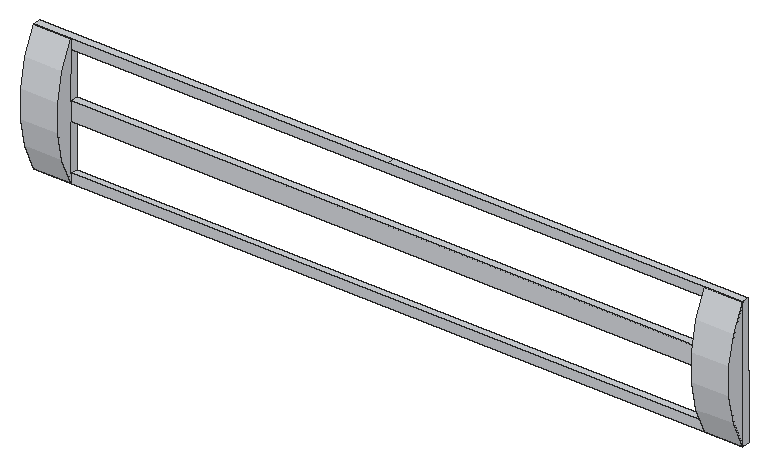
Revit family
Parameters (values of type "Type 1")
  Material ID = "760152546"
  Description = "SYSTIMAX 360 Evolve Panel Front Cover 2U"
Reference planes (in)
  plane 1 "Center (Front/Back)": y = 0
  plane 2: z = 0
  plane 3 "Center (Left/Right)": x = 0
Forms (in)
  Extrusion 1, solid
    sketch origin (0, 0, 0) x (1, 0, 0) y (0, 0, 1)
      loop
        line (0, 1.735) -> (-9.5, 1.735) -> (-9.5, -1.735) -> (9.5, -1.735) -> (9.5, 1.735) -> (0, 1.735)
    from 0 to 1
  Extrusion 2, solid
    sketch origin (0, 0, 0) x (0, 1, 0) y (0, 0, 1)
      loop
        arc (-1, 1.735) -> (-1.46083, 0) -> (-1, -1.735) r 3.49647
        line (-1, -1.735) -> (-1, 1.735)
    from -9.5 to -8.5
  Extrusion 3, solid
    sketch origin (0, 0, 0) x (0, 1, 0) y (0, 0, -1)
      loop
        line (-1, -1.735) -> (-1, 1.735)
        arc (-1, 1.735) -> (-1.46083, 0) -> (-1, -1.735) r 3.49647
    from -9.5 to -8.5
  Extrusion 4, void
    sketch origin (0, 0, 0) x (1, 0, 0) y (0, 0, 1)
      loop
        line (0, 1.5) -> (-8.5, 1.5) -> (-8.5, 0.24) -> (8.5, 0.24) -> (8.5, 1.5) -> (0, 1.5)
      loop
        line (8.5, -1.5) -> (8.5, -0.24) -> (-8.5, -0.24) -> (-8.5, -1.5) -> (8.5, -1.5)
    from 0.80035 to 1
  Extrusion 5, void
    sketch origin (0, 0, 0) x (1, 0, 0) y (0, 0, 1)
      loop
        line (-8.306, 1.07722) -> (-8.306, 0.68622) -> (-8.226, 0.68622) -> (-8.226, 0.53222) -> (-7.886, 0.53222) -> (-7.886, 0.68622) -> (-7.806, 0.68622) -> (-7.806, 1.07722) -> (-8.306, 1.07722)
    from 0.462 to 1.10159
  Extrusion 6, void, not visible
    sketch origin (0, 0, 0) x (1, 0, 0) y (0, 0, 1)
      loop
        line (-8.45, 1.2) -> (-8.45, 0.809) -> (-8.37, 0.809) -> (-8.37, 0.655) -> (-8.03, 0.655) -> (-8.03, 0.809) -> (-7.95, 0.809) -> (-7.95, 1.2) -> (-8.45, 1.2)
    from 0.60159 to 1.10159
  Extrusion 7, void, not visible
    sketch origin (0.5989, 0, 0) x (1, 0, 0) y (0, 0, 1)
      loop
        line (-8.45, 1.2) -> (-8.45, 0.809) -> (-8.37, 0.809) -> (-8.37, 0.655) -> (-8.03, 0.655) -> (-8.03, 0.809) -> (-7.95, 0.809) -> (-7.95, 1.2) -> (-8.45, 1.2)
    from 0.60159 to 1.10159
  Extrusion 8, void, not visible
    sketch origin (1.2106, 0, 0) x (1, 0, 0) y (0, 0, 1)
      loop
        line (-8.45, 1.2) -> (-8.45, 0.809) -> (-8.37, 0.809) -> (-8.37, 0.655) -> (-8.03, 0.655) -> (-8.03, 0.809) -> (-7.95, 0.809) -> (-7.95, 1.2) -> (-8.45, 1.2)
    from 0.60159 to 1.10159
  Extrusion 9, void, not visible
    sketch origin (1.81104, 0, 0) x (1, 0, 0) y (0, 0, 1)
      loop
        line (-8.45, 1.2) -> (-8.45, 0.809) -> (-8.37, 0.809) -> (-8.37, 0.655) -> (-8.03, 0.655) -> (-8.03, 0.809) -> (-7.95, 0.809) -> (-7.95, 1.2) -> (-8.45, 1.2)
    from 0.60159 to 1.10159
  Extrusion 10, void, not visible
    sketch origin (2.41302, 0, 0) x (1, 0, 0) y (0, 0, 1)
      loop
        line (-8.45, 1.2) -> (-8.45, 0.809) -> (-8.37, 0.809) -> (-8.37, 0.655) -> (-8.03, 0.655) -> (-8.03, 0.809) -> (-7.95, 0.809) -> (-7.95, 1.2) -> (-8.45, 1.2)
    from 0.60159 to 1.10159
  Extrusion 11, void, not visible
    sketch origin (3.01652, 0, 0) x (1, 0, 0) y (0, 0, 1)
      loop
        line (-8.45, 1.2) -> (-8.45, 0.809) -> (-8.37, 0.809) -> (-8.37, 0.655) -> (-8.03, 0.655) -> (-8.03, 0.809) -> (-7.95, 0.809) -> (-7.95, 1.2) -> (-8.45, 1.2)
    from 0.60159 to 1.10159
  Extrusion 12, void
    sketch origin (0.6, 0, 0) x (1, 0, 0) y (0, 0, 1)
      loop
        line (-8.306, 1.07722) -> (-8.306, 0.68622) -> (-8.226, 0.68622) -> (-8.226, 0.53222) -> (-7.886, 0.53222) -> (-7.886, 0.68622) -> (-7.806, 0.68622) -> (-7.806, 1.07722) -> (-8.306, 1.07722)
    from 0.462 to 1.10159
  Extrusion 13, void
    sketch origin (1.2, 0, 0) x (1, 0, 0) y (0, 0, 1)
      loop
        line (-8.306, 1.07722) -> (-8.306, 0.68622) -> (-8.226, 0.68622) -> (-8.226, 0.53222) -> (-7.886, 0.53222) -> (-7.886, 0.68622) -> (-7.806, 0.68622) -> (-7.806, 1.07722) -> (-8.306, 1.07722)
    from 0.462 to 1.10159
  Extrusion 14, void
    sketch origin (1.8, 0, 0) x (1, 0, 0) y (0, 0, 1)
      loop
        line (-8.306, 1.07722) -> (-8.306, 0.68622) -> (-8.226, 0.68622) -> (-8.226, 0.53222) -> (-7.886, 0.53222) -> (-7.886, 0.68622) -> (-7.806, 0.68622) -> (-7.806, 1.07722) -> (-8.306, 1.07722)
    from 0.462 to 1.10159
  Extrusion 15, void
    sketch origin (2.4, 0, 0) x (1, 0, 0) y (0, 0, 1)
      loop
        line (-8.306, 1.07722) -> (-8.306, 0.68622) -> (-8.226, 0.68622) -> (-8.226, 0.53222) -> (-7.886, 0.53222) -> (-7.886, 0.68622) -> (-7.806, 0.68622) -> (-7.806, 1.07722) -> (-8.306, 1.07722)
    from 0.462 to 1.10159
  Extrusion 16, void
    sketch origin (3, 0, 0) x (1, 0, 0) y (0, 0, 1)
      loop
        line (-8.306, 1.07722) -> (-8.306, 0.68622) -> (-8.226, 0.68622) -> (-8.226, 0.53222) -> (-7.886, 0.53222) -> (-7.886, 0.68622) -> (-7.806, 0.68622) -> (-7.806, 1.07722) -> (-8.306, 1.07722)
    from 0.462 to 1.10159
  Extrusion 17, void, not visible
    sketch origin (0, 0, 0) x (1, 0, 0) y (0, 0, 1)
      loop
        line (-8.306, 1.07722) -> (-8.306, 0.68622) -> (-8.226, 0.68622) -> (-8.226, 0.53222) -> (-7.886, 0.53222) -> (-7.886, 0.68622) -> (-7.806, 0.68622) -> (-7.806, 1.07722) -> (-8.306, 1.07722)
    from 0.462 to 1.10159
  Extrusion 18, void
    sketch origin (4.3, 0, 0) x (1, 0, 0) y (0, 0, 1)
      loop
        line (-8.306, 1.07722) -> (-8.306, 0.68622) -> (-8.226, 0.68622) -> (-8.226, 0.53222) -> (-7.886, 0.53222) -> (-7.886, 0.68622) -> (-7.806, 0.68622) -> (-7.806, 1.07722) -> (-8.306, 1.07722)
    from 0.462 to 1.10159
  Extrusion 19, void
    sketch origin (4.9, 0, 0) x (1, 0, 0) y (0, 0, 1)
      loop
        line (-8.306, 1.07722) -> (-8.306, 0.68622) -> (-8.226, 0.68622) -> (-8.226, 0.53222) -> (-7.886, 0.53222) -> (-7.886, 0.68622) -> (-7.806, 0.68622) -> (-7.806, 1.07722) -> (-8.306, 1.07722)
    from 0.462 to 1.10159
  Extrusion 20, void
    sketch origin (5.5, 0, 0) x (1, 0, 0) y (0, 0, 1)
      loop
        line (-8.306, 1.07722) -> (-8.306, 0.68622) -> (-8.226, 0.68622) -> (-8.226, 0.53222) -> (-7.886, 0.53222) -> (-7.886, 0.68622) -> (-7.806, 0.68622) -> (-7.806, 1.07722) -> (-8.306, 1.07722)
    from 0.462 to 1.10159
  Extrusion 21, void
    sketch origin (6.1, 0, 0) x (1, 0, 0) y (0, 0, 1)
      loop
        line (-8.306, 1.07722) -> (-8.306, 0.68622) -> (-8.226, 0.68622) -> (-8.226, 0.53222) -> (-7.886, 0.53222) -> (-7.886, 0.68622) -> (-7.806, 0.68622) -> (-7.806, 1.07722) -> (-8.306, 1.07722)
    from 0.462 to 1.10159
  Extrusion 22, void
    sketch origin (6.7, 0, 0) x (1, 0, 0) y (0, 0, 1)
      loop
        line (-8.306, 1.07722) -> (-8.306, 0.68622) -> (-8.226, 0.68622) -> (-8.226, 0.53222) -> (-7.886, 0.53222) -> (-7.886, 0.68622) -> (-7.806, 0.68622) -> (-7.806, 1.07722) -> (-8.306, 1.07722)
    from 0.462 to 1.10159
  Extrusion 23, void
    sketch origin (7.3, 0, 0) x (1, 0, 0) y (0, 0, 1)
      loop
        line (-8.306, 1.07722) -> (-8.306, 0.68622) -> (-8.226, 0.68622) -> (-8.226, 0.53222) -> (-7.886, 0.53222) -> (-7.886, 0.68622) -> (-7.806, 0.68622) -> (-7.806, 1.07722) -> (-8.306, 1.07722)
    from 0.462 to 1.10159
  Extrusion 24, void
    sketch origin (8.6, 0, 0) x (1, 0, 0) y (0, 0, 1)
      loop
        line (-8.306, 1.07722) -> (-8.306, 0.68622) -> (-8.226, 0.68622) -> (-8.226, 0.53222) -> (-7.886, 0.53222) -> (-7.886, 0.68622) -> (-7.806, 0.68622) -> (-7.806, 1.07722) -> (-8.306, 1.07722)
    from 0.462 to 1.10159
  Extrusion 25, void
    sketch origin (9.2, 0, 0) x (1, 0, 0) y (0, 0, 1)
      loop
        line (-8.306, 1.07722) -> (-8.306, 0.68622) -> (-8.226, 0.68622) -> (-8.226, 0.53222) -> (-7.886, 0.53222) -> (-7.886, 0.68622) -> (-7.806, 0.68622) -> (-7.806, 1.07722) -> (-8.306, 1.07722)
    from 0.462 to 1.10159
  Extrusion 26, void
    sketch origin (9.8, 0, 0) x (1, 0, 0) y (0, 0, 1)
      loop
        line (-8.306, 1.07722) -> (-8.306, 0.68622) -> (-8.226, 0.68622) -> (-8.226, 0.53222) -> (-7.886, 0.53222) -> (-7.886, 0.68622) -> (-7.806, 0.68622) -> (-7.806, 1.07722) -> (-8.306, 1.07722)
    from 0.462 to 1.10159
  Extrusion 27, void
    sketch origin (10.4, 0, 0) x (1, 0, 0) y (0, 0, 1)
      loop
        line (-8.306, 1.07722) -> (-8.306, 0.68622) -> (-8.226, 0.68622) -> (-8.226, 0.53222) -> (-7.886, 0.53222) -> (-7.886, 0.68622) -> (-7.806, 0.68622) -> (-7.806, 1.07722) -> (-8.306, 1.07722)
    from 0.462 to 1.10159
  Extrusion 28, void
    sketch origin (11, 0, 0) x (1, 0, 0) y (0, 0, 1)
      loop
        line (-8.306, 1.07722) -> (-8.306, 0.68622) -> (-8.226, 0.68622) -> (-8.226, 0.53222) -> (-7.886, 0.53222) -> (-7.886, 0.68622) -> (-7.806, 0.68622) -> (-7.806, 1.07722) -> (-8.306, 1.07722)
    from 0.462 to 1.10159
  Extrusion 29, void
    sketch origin (11.6, 0, 0) x (1, 0, 0) y (0, 0, 1)
      loop
        line (-8.306, 1.07722) -> (-8.306, 0.68622) -> (-8.226, 0.68622) -> (-8.226, 0.53222) -> (-7.886, 0.53222) -> (-7.886, 0.68622) -> (-7.806, 0.68622) -> (-7.806, 1.07722) -> (-8.306, 1.07722)
    from 0.462 to 1.10159
  Extrusion 30, void
    sketch origin (12.9, 0, 0) x (1, 0, 0) y (0, 0, 1)
      loop
        line (-8.306, 1.07722) -> (-8.306, 0.68622) -> (-8.226, 0.68622) -> (-8.226, 0.53222) -> (-7.886, 0.53222) -> (-7.886, 0.68622) -> (-7.806, 0.68622) -> (-7.806, 1.07722) -> (-8.306, 1.07722)
    from 0.462 to 1.10159
  Extrusion 31, void
    sketch origin (13.5, 0, 0) x (1, 0, 0) y (0, 0, 1)
      loop
        line (-8.306, 1.07722) -> (-8.306, 0.68622) -> (-8.226, 0.68622) -> (-8.226, 0.53222) -> (-7.886, 0.53222) -> (-7.886, 0.68622) -> (-7.806, 0.68622) -> (-7.806, 1.07722) -> (-8.306, 1.07722)
    from 0.462 to 1.10159
  Extrusion 32, void
    sketch origin (14.1, 0, 0) x (1, 0, 0) y (0, 0, 1)
      loop
        line (-8.306, 1.07722) -> (-8.306, 0.68622) -> (-8.226, 0.68622) -> (-8.226, 0.53222) -> (-7.886, 0.53222) -> (-7.886, 0.68622) -> (-7.806, 0.68622) -> (-7.806, 1.07722) -> (-8.306, 1.07722)
    from 0.462 to 1.10159
  Extrusion 33, void
    sketch origin (14.7, 0, 0) x (1, 0, 0) y (0, 0, 1)
      loop
        line (-8.306, 1.07722) -> (-8.306, 0.68622) -> (-8.226, 0.68622) -> (-8.226, 0.53222) -> (-7.886, 0.53222) -> (-7.886, 0.68622) -> (-7.806, 0.68622) -> (-7.806, 1.07722) -> (-8.306, 1.07722)
    from 0.462 to 1.10159
  Extrusion 34, void
    sketch origin (15.3, 0, 0) x (1, 0, 0) y (0, 0, 1)
      loop
        line (-8.306, 1.07722) -> (-8.306, 0.68622) -> (-8.226, 0.68622) -> (-8.226, 0.53222) -> (-7.886, 0.53222) -> (-7.886, 0.68622) -> (-7.806, 0.68622) -> (-7.806, 1.07722) -> (-8.306, 1.07722)
    from 0.462 to 1.10159
  Extrusion 35, void
    sketch origin (15.9, 0, 0) x (1, 0, 0) y (0, 0, 1)
      loop
        line (-8.306, 1.07722) -> (-8.306, 0.68622) -> (-8.226, 0.68622) -> (-8.226, 0.53222) -> (-7.886, 0.53222) -> (-7.886, 0.68622) -> (-7.806, 0.68622) -> (-7.806, 1.07722) -> (-8.306, 1.07722)
    from 0.462 to 1.10159
  Extrusion 36, void, not visible
    sketch origin (0, 0, 0) x (1, 0, 0) y (0, 0, 1)
      loop
        line (-8.306, 1.07722) -> (-8.306, 0.68622) -> (-8.226, 0.68622) -> (-8.226, 0.53222) -> (-7.886, 0.53222) -> (-7.886, 0.68622) -> (-7.806, 0.68622) -> (-7.806, 1.07722) -> (-8.306, 1.07722)
    from 0.462 to 1.10159
  Extrusion 37, void, not visible
    sketch origin (0.6, 0, 0) x (1, 0, 0) y (0, 0, 1)
      loop
        line (-8.306, 1.07722) -> (-8.306, 0.68622) -> (-8.226, 0.68622) -> (-8.226, 0.53222) -> (-7.886, 0.53222) -> (-7.886, 0.68622) -> (-7.806, 0.68622) -> (-7.806, 1.07722) -> (-8.306, 1.07722)
    from 0.462 to 1.10159
  Extrusion 38, void, not visible
    sketch origin (1.2, 0, 0) x (1, 0, 0) y (0, 0, 1)
      loop
        line (-8.306, 1.07722) -> (-8.306, 0.68622) -> (-8.226, 0.68622) -> (-8.226, 0.53222) -> (-7.886, 0.53222) -> (-7.886, 0.68622) -> (-7.806, 0.68622) -> (-7.806, 1.07722) -> (-8.306, 1.07722)
    from 0.462 to 1.10159
  Extrusion 39, void, not visible
    sketch origin (1.8, 0, 0) x (1, 0, 0) y (0, 0, 1)
      loop
        line (-8.306, 1.07722) -> (-8.306, 0.68622) -> (-8.226, 0.68622) -> (-8.226, 0.53222) -> (-7.886, 0.53222) -> (-7.886, 0.68622) -> (-7.806, 0.68622) -> (-7.806, 1.07722) -> (-8.306, 1.07722)
    from 0.462 to 1.10159
  Extrusion 40, void, not visible
    sketch origin (2.4, 0, 0) x (1, 0, 0) y (0, 0, 1)
      loop
        line (-8.306, 1.07722) -> (-8.306, 0.68622) -> (-8.226, 0.68622) -> (-8.226, 0.53222) -> (-7.886, 0.53222) -> (-7.886, 0.68622) -> (-7.806, 0.68622) -> (-7.806, 1.07722) -> (-8.306, 1.07722)
    from 0.462 to 1.10159
  Extrusion 41, void, not visible
    sketch origin (3, 0, 0) x (1, 0, 0) y (0, 0, 1)
      loop
        line (-8.306, 1.07722) -> (-8.306, 0.68622) -> (-8.226, 0.68622) -> (-8.226, 0.53222) -> (-7.886, 0.53222) -> (-7.886, 0.68622) -> (-7.806, 0.68622) -> (-7.806, 1.07722) -> (-8.306, 1.07722)
    from 0.462 to 1.10159
  Extrusion 42, void
    sketch origin (0, 0, -1.75) x (1, 0, 0) y (0, 0, 1)
      loop
        line (-8.306, 1.07722) -> (-8.306, 0.68622) -> (-8.226, 0.68622) -> (-8.226, 0.53222) -> (-7.886, 0.53222) -> (-7.886, 0.68622) -> (-7.806, 0.68622) -> (-7.806, 1.07722) -> (-8.306, 1.07722)
    from 0.462 to 1.10159
  Extrusion 43, void
    sketch origin (0.6, 0, -1.75) x (1, 0, 0) y (0, 0, 1)
      loop
        line (-8.306, 1.07722) -> (-8.306, 0.68622) -> (-8.226, 0.68622) -> (-8.226, 0.53222) -> (-7.886, 0.53222) -> (-7.886, 0.68622) -> (-7.806, 0.68622) -> (-7.806, 1.07722) -> (-8.306, 1.07722)
    from 0.462 to 1.10159
  Extrusion 44, void
    sketch origin (1.2, 0, -1.75) x (1, 0, 0) y (0, 0, 1)
      loop
        line (-8.306, 1.07722) -> (-8.306, 0.68622) -> (-8.226, 0.68622) -> (-8.226, 0.53222) -> (-7.886, 0.53222) -> (-7.886, 0.68622) -> (-7.806, 0.68622) -> (-7.806, 1.07722) -> (-8.306, 1.07722)
    from 0.462 to 1.10159
  Extrusion 45, void
    sketch origin (1.8, 0, -1.75) x (1, 0, 0) y (0, 0, 1)
      loop
        line (-8.306, 1.07722) -> (-8.306, 0.68622) -> (-8.226, 0.68622) -> (-8.226, 0.53222) -> (-7.886, 0.53222) -> (-7.886, 0.68622) -> (-7.806, 0.68622) -> (-7.806, 1.07722) -> (-8.306, 1.07722)
    from 0.462 to 1.10159
  Extrusion 46, void
    sketch origin (2.4, 0, -1.75) x (1, 0, 0) y (0, 0, 1)
      loop
        line (-8.306, 1.07722) -> (-8.306, 0.68622) -> (-8.226, 0.68622) -> (-8.226, 0.53222) -> (-7.886, 0.53222) -> (-7.886, 0.68622) -> (-7.806, 0.68622) -> (-7.806, 1.07722) -> (-8.306, 1.07722)
    from 0.462 to 1.10159
  Extrusion 47, void
    sketch origin (3, 0, -1.75) x (1, 0, 0) y (0, 0, 1)
      loop
        line (-8.306, 1.07722) -> (-8.306, 0.68622) -> (-8.226, 0.68622) -> (-8.226, 0.53222) -> (-7.886, 0.53222) -> (-7.886, 0.68622) -> (-7.806, 0.68622) -> (-7.806, 1.07722) -> (-8.306, 1.07722)
    from 0.462 to 1.10159
  Extrusion 48, void
    sketch origin (4.3, 0, -1.75) x (1, 0, 0) y (0, 0, 1)
      loop
        line (-8.306, 1.07722) -> (-8.306, 0.68622) -> (-8.226, 0.68622) -> (-8.226, 0.53222) -> (-7.886, 0.53222) -> (-7.886, 0.68622) -> (-7.806, 0.68622) -> (-7.806, 1.07722) -> (-8.306, 1.07722)
    from 0.462 to 1.10159
  Extrusion 49, void
    sketch origin (4.9, 0, -1.75) x (1, 0, 0) y (0, 0, 1)
      loop
        line (-8.306, 1.07722) -> (-8.306, 0.68622) -> (-8.226, 0.68622) -> (-8.226, 0.53222) -> (-7.886, 0.53222) -> (-7.886, 0.68622) -> (-7.806, 0.68622) -> (-7.806, 1.07722) -> (-8.306, 1.07722)
    from 0.462 to 1.10159
  Extrusion 50, void
    sketch origin (5.5, 0, -1.75) x (1, 0, 0) y (0, 0, 1)
      loop
        line (-8.306, 1.07722) -> (-8.306, 0.68622) -> (-8.226, 0.68622) -> (-8.226, 0.53222) -> (-7.886, 0.53222) -> (-7.886, 0.68622) -> (-7.806, 0.68622) -> (-7.806, 1.07722) -> (-8.306, 1.07722)
    from 0.462 to 1.10159
  Extrusion 51, void
    sketch origin (6.1, 0, -1.75) x (1, 0, 0) y (0, 0, 1)
      loop
        line (-8.306, 1.07722) -> (-8.306, 0.68622) -> (-8.226, 0.68622) -> (-8.226, 0.53222) -> (-7.886, 0.53222) -> (-7.886, 0.68622) -> (-7.806, 0.68622) -> (-7.806, 1.07722) -> (-8.306, 1.07722)
    from 0.462 to 1.10159
  Extrusion 52, void
    sketch origin (6.7, 0, -1.75) x (1, 0, 0) y (0, 0, 1)
      loop
        line (-8.306, 1.07722) -> (-8.306, 0.68622) -> (-8.226, 0.68622) -> (-8.226, 0.53222) -> (-7.886, 0.53222) -> (-7.886, 0.68622) -> (-7.806, 0.68622) -> (-7.806, 1.07722) -> (-8.306, 1.07722)
    from 0.462 to 1.10159
  Extrusion 53, void
    sketch origin (7.3, 0, -1.75) x (1, 0, 0) y (0, 0, 1)
      loop
        line (-8.306, 1.07722) -> (-8.306, 0.68622) -> (-8.226, 0.68622) -> (-8.226, 0.53222) -> (-7.886, 0.53222) -> (-7.886, 0.68622) -> (-7.806, 0.68622) -> (-7.806, 1.07722) -> (-8.306, 1.07722)
    from 0.462 to 1.10159
  Extrusion 54, void
    sketch origin (8.6, 0, -1.75) x (1, 0, 0) y (0, 0, 1)
      loop
        line (-8.306, 1.07722) -> (-8.306, 0.68622) -> (-8.226, 0.68622) -> (-8.226, 0.53222) -> (-7.886, 0.53222) -> (-7.886, 0.68622) -> (-7.806, 0.68622) -> (-7.806, 1.07722) -> (-8.306, 1.07722)
    from 0.462 to 1.10159
  Extrusion 55, void
    sketch origin (9.2, 0, -1.75) x (1, 0, 0) y (0, 0, 1)
      loop
        line (-8.306, 1.07722) -> (-8.306, 0.68622) -> (-8.226, 0.68622) -> (-8.226, 0.53222) -> (-7.886, 0.53222) -> (-7.886, 0.68622) -> (-7.806, 0.68622) -> (-7.806, 1.07722) -> (-8.306, 1.07722)
    from 0.462 to 1.10159
  Extrusion 56, void
    sketch origin (9.8, 0, -1.75) x (1, 0, 0) y (0, 0, 1)
      loop
        line (-8.306, 1.07722) -> (-8.306, 0.68622) -> (-8.226, 0.68622) -> (-8.226, 0.53222) -> (-7.886, 0.53222) -> (-7.886, 0.68622) -> (-7.806, 0.68622) -> (-7.806, 1.07722) -> (-8.306, 1.07722)
    from 0.462 to 1.10159
  Extrusion 57, void
    sketch origin (10.4, 0, -1.75) x (1, 0, 0) y (0, 0, 1)
      loop
        line (-8.306, 1.07722) -> (-8.306, 0.68622) -> (-8.226, 0.68622) -> (-8.226, 0.53222) -> (-7.886, 0.53222) -> (-7.886, 0.68622) -> (-7.806, 0.68622) -> (-7.806, 1.07722) -> (-8.306, 1.07722)
    from 0.462 to 1.10159
  Extrusion 58, void
    sketch origin (11, 0, -1.75) x (1, 0, 0) y (0, 0, 1)
      loop
        line (-8.306, 1.07722) -> (-8.306, 0.68622) -> (-8.226, 0.68622) -> (-8.226, 0.53222) -> (-7.886, 0.53222) -> (-7.886, 0.68622) -> (-7.806, 0.68622) -> (-7.806, 1.07722) -> (-8.306, 1.07722)
    from 0.462 to 1.10159
  Extrusion 59, void
    sketch origin (11.6, 0, -1.75) x (1, 0, 0) y (0, 0, 1)
      loop
        line (-8.306, 1.07722) -> (-8.306, 0.68622) -> (-8.226, 0.68622) -> (-8.226, 0.53222) -> (-7.886, 0.53222) -> (-7.886, 0.68622) -> (-7.806, 0.68622) -> (-7.806, 1.07722) -> (-8.306, 1.07722)
    from 0.462 to 1.10159
  Extrusion 60, void
    sketch origin (12.9, 0, -1.75) x (1, 0, 0) y (0, 0, 1)
      loop
        line (-8.306, 1.07722) -> (-8.306, 0.68622) -> (-8.226, 0.68622) -> (-8.226, 0.53222) -> (-7.886, 0.53222) -> (-7.886, 0.68622) -> (-7.806, 0.68622) -> (-7.806, 1.07722) -> (-8.306, 1.07722)
    from 0.462 to 1.10159
  Extrusion 61, void
    sketch origin (13.5, 0, -1.75) x (1, 0, 0) y (0, 0, 1)
      loop
        line (-8.306, 1.07722) -> (-8.306, 0.68622) -> (-8.226, 0.68622) -> (-8.226, 0.53222) -> (-7.886, 0.53222) -> (-7.886, 0.68622) -> (-7.806, 0.68622) -> (-7.806, 1.07722) -> (-8.306, 1.07722)
    from 0.462 to 1.10159
  Extrusion 62, void
    sketch origin (14.1, 0, -1.75) x (1, 0, 0) y (0, 0, 1)
      loop
        line (-8.306, 1.07722) -> (-8.306, 0.68622) -> (-8.226, 0.68622) -> (-8.226, 0.53222) -> (-7.886, 0.53222) -> (-7.886, 0.68622) -> (-7.806, 0.68622) -> (-7.806, 1.07722) -> (-8.306, 1.07722)
    from 0.462 to 1.10159
  Extrusion 63, void
    sketch origin (14.7, 0, -1.75) x (1, 0, 0) y (0, 0, 1)
      loop
        line (-8.306, 1.07722) -> (-8.306, 0.68622) -> (-8.226, 0.68622) -> (-8.226, 0.53222) -> (-7.886, 0.53222) -> (-7.886, 0.68622) -> (-7.806, 0.68622) -> (-7.806, 1.07722) -> (-8.306, 1.07722)
    from 0.462 to 1.10159
  Extrusion 64, void
    sketch origin (15.3, 0, -1.75) x (1, 0, 0) y (0, 0, 1)
      loop
        line (-8.306, 1.07722) -> (-8.306, 0.68622) -> (-8.226, 0.68622) -> (-8.226, 0.53222) -> (-7.886, 0.53222) -> (-7.886, 0.68622) -> (-7.806, 0.68622) -> (-7.806, 1.07722) -> (-8.306, 1.07722)
    from 0.462 to 1.10159
  Extrusion 65, void
    sketch origin (15.9, 0, -1.75) x (1, 0, 0) y (0, 0, 1)
      loop
        line (-8.306, 1.07722) -> (-8.306, 0.68622) -> (-8.226, 0.68622) -> (-8.226, 0.53222) -> (-7.886, 0.53222) -> (-7.886, 0.68622) -> (-7.806, 0.68622) -> (-7.806, 1.07722) -> (-8.306, 1.07722)
    from 0.462 to 1.10159
  Extrusion 66, void
    sketch origin (0, 0, 0) x (1, 0, 0) y (0, 0, 1)
      loop
        line (4.5, 1.75) -> (3.8, 1.75) -> (3.8, -1.735) -> (4.5, -1.735) -> (4.5, 1.75)
      loop
        line (0.25, 1.75) -> (-0.45, 1.75) -> (-0.45, -1.735) -> (0.25, -1.735) -> (0.25, 1.75)
      loop
        line (-4, 1.75) -> (-4.7, 1.75) -> (-4.7, -1.735) -> (-4, -1.735) -> (-4, 1.75)
    from 0 to 0.26215
  Extrusion 67, void
    sketch origin (0, 0, 0) x (1, 0, 0) y (0, 0, 1)
      loop
        line (9.5, 1.735) -> (-9.5, 1.735) -> (-9.5, -1.735) -> (9.5, -1.735) -> (9.5, 1.735)
    from 0 to 0.8
Cuts and joins
  Extrusion 4, Extrusion 5, Extrusion 12, Extrusion 13, Extrusion 14, Extrusion 15, Extrusion 16, Extrusion 18, Extrusion 19, Extrusion 20, Extrusion 21, Extrusion 22, Extrusion 23, Extrusion 24, Extrusion 25, Extrusion 26, Extrusion 27, Extrusion 28, Extrusion 29, Extrusion 30, Extrusion 31, Extrusion 32, Extrusion 33, Extrusion 34, Extrusion 35, Extrusion 42, Extrusion 43, Extrusion 44, Extrusion 45, Extrusion 46, Extrusion 47, Extrusion 48, Extrusion 49, Extrusion 50, Extrusion 51, Extrusion 52, Extrusion 53, Extrusion 54, Extrusion 55, Extrusion 56, Extrusion 57, Extrusion 58, Extrusion 59, Extrusion 60, Extrusion 61, Extrusion 62, Extrusion 63, Extrusion 64, Extrusion 65, Extrusion 66, Extrusion 67 cuts Extrusion 1
  Extrusion 4 cuts Extrusion 2
  Extrusion 4 cuts Extrusion 3
Dimensions and locks (in)
  equal spacing: group 2, group 3, group 4, group 5, group 6, group 7  (x3)
  equal spacing: group 10, group 11, group 12, group 13, group 14, group 15  (x3)
  equal spacing: group 8, group 16, group 23, group 30  (x3)
  equal spacing: group 17, group 18, group 19, group 20, group 21, group 22  (x3)
  equal spacing: group 24, group 25, group 26, group 27, group 28, group 29  (x3)
  equal spacing: group 32, group 33, group 34, group 35, group 36, group 37  (x3)
  equal spacing: group 39, group 40, group 41, group 42, group 43, group 44  (x3)
  equal spacing: group 46, group 47, group 48, group 49, group 50, group 51  (x3)
  equal spacing: group 45, group 52, group 59, group 66  (x3)
  equal spacing: group 53, group 54, group 55, group 56, group 57, group 58  (x3)
  equal spacing: group 60, group 61, group 62, group 63, group 64, group 65  (x3)
  group 31 to group 67 = 0"  (x2)
  group 67 to group 31 = 1.75"
  aligned and locked: Extrusion 2 sketch curve to Extrusion 1
  aligned and locked: plane 3 "Center (Left/Right)" to Extrusion 4 sketch curve
